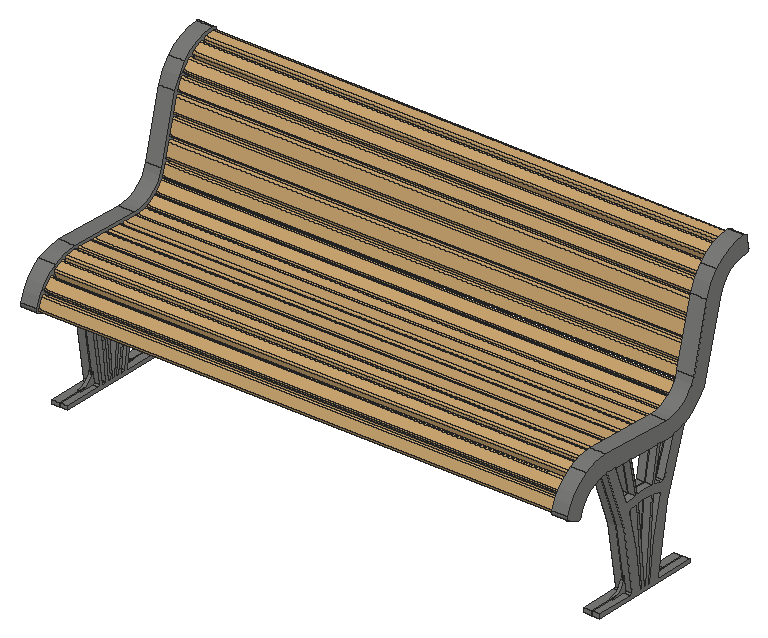
Revit family "L-FUR_벤치_DWB-171_데오스웍스", category 일반 모델, Revit 2019 (continued)
Definition of nested family "DWB-171_base"
  Forms (mm)
    Extrusion 15, solid, detail levels fine
      sketch origin (1700, -4049.52, 0) x (0, -1, 0) y (0, 0, 1)
        loop
          line (-4618.58, 970.796) -> (-4637.978, 993.369)
          arc (-4637.978, 993.369) -> (-4641.393, 995.096) -> (-4645.029, 993.902) r 5
          line (-4645.029, 993.902) -> (-4667.782, 974.35)
        loop
          arc (-4703.566, 992.986) -> (-4703.925, 989.176) -> (-4701.486, 986.228) r 5
          line (-4701.486, 986.228) -> (-4675.062, 972.242)
          arc (-4675.062, 972.242) -> (-4671.253, 971.882) -> (-4668.304, 974.322) r 5
          line (-4668.304, 974.322) -> (-4654.27, 1000.837)
          arc (-4654.27, 1000.837) -> (-4653.91, 1004.647) -> (-4656.35, 1007.595) r 5
          line (-4656.35, 1007.595) -> (-4682.773, 1021.581)
          arc (-4682.773, 1021.581) -> (-4686.583, 1021.941) -> (-4689.531, 1019.501) r 5
          line (-4689.531, 1019.501) -> (-4703.566, 992.986)
        loop
          arc (-4699.941, 1022.662) -> (-4700.925, 1026.36) -> (-4704.236, 1028.279) r 5
          line (-4704.236, 1028.279) -> (-4733.687, 1032.205)
          arc (-4733.687, 1032.205) -> (-4737.385, 1031.22) -> (-4739.304, 1027.909) r 5
          line (-4739.304, 1027.909) -> (-4743.268, 998.172)
          arc (-4743.268, 998.172) -> (-4742.283, 994.474) -> (-4738.972, 992.555) r 5
          line (-4738.972, 992.555) -> (-4709.522, 988.629)
          arc (-4709.522, 988.629) -> (-4705.824, 989.614) -> (-4703.905, 992.925) r 5
          line (-4703.905, 992.925) -> (-4699.941, 1022.662)
      from 1650 to 50
    Extrusion 16, solid, detail levels fine
      sketch origin (1700, -4049.52, 0) x (0, -1, 0) y (0, 0, 1)
        loop
          arc (-4738.71, 985.737) -> (-4699.713, 977.988) -> (-4666.729, 955.787) r 100.986
          arc (-4666.729, 955.787) -> (-4649.617, 931.833) -> (-4637.536, 904.987) r 149.35
          line (-4637.536, 904.987) -> (-4586.456, 714.24)
          arc (-4586.456, 714.24) -> (-4527.282, 632.44) -> (-4430.442, 603.897) r 156.254
          line (-4430.442, 603.897) -> (-4202.078, 613.7)
          arc (-4202.078, 613.7) -> (-4174.674, 608.831) -> (-4148.649, 598.962) r 149.35
          arc (-4148.649, 598.962) -> (-4118.537, 572.838) -> (-4100.894, 537.09) r 100.901
          line (-4100.894, 537.09) -> (-4094.162, 539.012)
          arc (-4094.162, 539.012) -> (-4113.1, 577.25) -> (-4145.38, 605.156) r 107.901
          arc (-4145.38, 605.156) -> (-4172.926, 615.61) -> (-4201.944, 620.712) r 156.35
          line (-4201.944, 620.712) -> (-4430.742, 610.891)
          arc (-4430.742, 610.891) -> (-4525.285, 639.629) -> (-4581.057, 721.2) r 149
          line (-4581.057, 721.2) -> (-4630.9, 907.217)
          arc (-4630.9, 907.217) -> (-4643.543, 935.312) -> (-4661.45, 960.383) r 156.35
          arc (-4661.45, 960.383) -> (-4696.76, 984.341) -> (-4738.596, 992.737) r 107.901
          line (-4738.596, 992.737) -> (-4738.71, 985.737)
      from 875 to 825
  Dimensions and locks
    aligned and locked: level to plane 2
